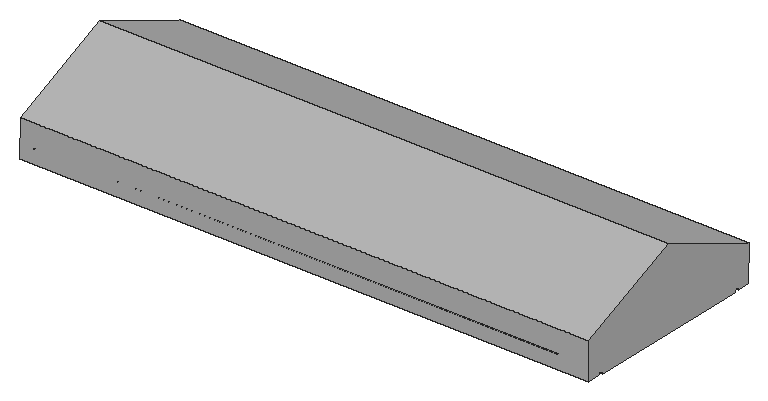
Revit family "WC288 Saddle Back", category Generic Models, Revit 2020
Family settings
  Can host rebar = No
  Round Connector Dimension = Use Diameter
  Part Type = Normal
  Work Plane-Based = No
  Always vertical = Yes
  Cut with Voids When Loaded = No
  Shared = No
  Room Calculation Point = No
Parameters
  Weight = "87Kg"
  Warranty Guarantor Parts = "n/a"
  Warranty Guarantor Labour = "n/a"
  Warranty Duration Unit = "n/a"
  Warranty Duration Parts = "n/a"
  Warranty Duration Labour = "n/a"
  Warranty Description = "n/a"
  Unit Width [instance] = 350 mm
  Unit Length [instance] = 1000 mm
  Unit Height [instance] = 140 mm
  URL = "www.killeshal.com"
  Types = "Single"
  Type Comments = "Visit our website for a full list of available products."
  Sustainability Performance = "n/a"
  Structural Class = "n/a"
  Span = "Unit Length"
  Slope = "0.00°"
  Size = "350mm x 140 to 65mm"
  Shape = "As per drawing"
  Service Life = "0.000000"
  Serial Number = "n/a"
  Resistance to Fire = "n/a"
  Replacement Cost = "n/a"
  Reference = "n/a"
  Notified Body = "n/a"
  Nominal Cover to Main Bar = "n/a"
  Model = "W/C 288 Wall Cap."
  Mechanical Resistance = "n/a"
  Manufacturer = "Killeshal Precast Concrete Ltd."
  Load Bearing = no
  Life Cycle Environmental Load = "n/a"
  Length Options = "Stock size 1000mm."
  Keynote = "The information contained is the sole property of KPC Ltd., any reproduction in part or whole without permission of KPC Ltd. is prohibited."
  Environmental Product Declaration = "n/a"
  Environmental Class = "n/a"
  Durability against Corrosion = "n/a"
  Dimension Accuracy Class = "n/a"
  Detailing = "As per design specification and product drawings."
  Description = "Saddle Back Wall Cap"
  Default Elevation = 0 mm
  Dangerous Substances = "n/a"
  Contact Tel = "0035357 9353018"
  Contact Email = "sales@killeshal.com"
  Construction Type = "Precast"
  Construction Tolerance Class = "n/a"
  Compressive Strength of Concrete = "n/a"
  Characteristics of Reinforcing Steel = "n/a"
  Characteristics Deflection Under Load = "n/a"
Reference planes
  plane 1 "Center (Front/Back)": y = 0
  plane 2: z = 0
  plane 3 "Center (Left/Right)": x = 0
  plane 4 "Rear": y = 175
  plane 5 "Front": y = -175
  plane 6 "Top": z = 140
  plane 7 "Center L/T": z = 65
  plane 8 "Center L/Y": y = 150
  plane 9 "Center L/Z": y = -150
Forms (mm)
  Extrusion 1, solid, material "Precast Concrete (KPC)"
    sketch origin (0, 0, 0) x (0, 1, 0) y (0, 0, 1)
      loop
        line (-175, 65) -> (-175, 0) -> (-155, 0)
        arc (-155, 0) -> (-150, 5) -> (-145, 0) r 5
        line (-145, 0) -> (145, 0)
        arc (145, 0) -> (150, 5) -> (155, 0) r 5
        line (155, 0) -> (175, 0) -> (175, 65) -> (0, 140) -> (-175, 65)
    from 0 to 1000
Dimensions and locks
  "Unit Length": Extrusion 1 to Extrusion 1
  "Unit Width": Extrusion 1 to Extrusion 1
  plane 7 "Center L/T" to level = 65 mm
  "Unit Height": plane 6 "Top" to level
  aligned and locked: level to plane 2
Automatic sketch dimensions
  Extrusion 1 sketch curve to plane 5 "Front" = 0 mm
  Extrusion 1 sketch curve to level = 0 mm
  Extrusion 1 sketch curve to plane 9 "Center L/Z" = 0 mm
  Extrusion 1 sketch curve to plane 1 "Center (Front/Back)" = 0 mm
  Extrusion 1 sketch curve to plane 8 "Center L/Y" = 0 mm
  Extrusion 1 sketch curve to plane 4 "Rear" = 0 mm
  Extrusion 1 sketch curve to plane 7 "Center L/T" = 0 mm  (x2)
  Extrusion 1 sketch curve to plane 6 "Top" = 0 mm
  Extrusion 1 sketch curve to Extrusion 1 sketch curve = 5 mm  (x2)
